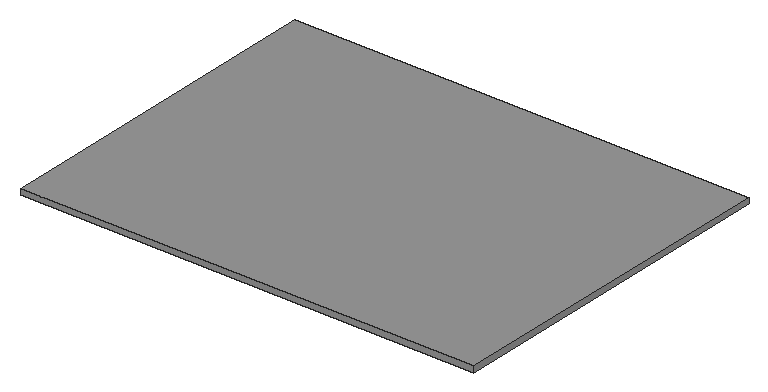
Revit family "ROTHOB_Rothoblaas_Membrane_TraspirEvo135", category Structural Connections, host Face, Revit 2020
Family settings
  Host = Face
  Material for Model Behavior = Other
  OmniClass Number = 23.13.25.25
  OmniClass Title = Air Barriers
  Enable cutting in views = Yes
  Cut with Voids When Loaded = No
  Shared = No
Parameters (values of type "TRASPIR EVO 135")
  WaterVapourTransmition_Sd = "0,1 m"  # constant formula
  WarrantyStartDate [instance] = ""
  WarrantyGuarantorParts = "n/a"  # constant formula
  WarrantyGuarantorLabor = "n/a"  # constant formula
  WarrantyDurationUnit = "n/a"  # constant formula
  WarrantyDurationParts = "n/a"  # constant formula
  WarrantyDurationLabor = "n/a"  # constant formula
  WarrantyDescription = "n/a"  # constant formula
  Version = "1"  # constant formula
  UniClass2015Version = "Products v1.33"  # constant formula
  UniClass2015Title = "Vapour-permeable sheets"  # constant formula
  UniClass2015Code = "Pr_25_57_10_94"  # constant formula
  UVStability = "1000h (8 months)"  # constant formula
  Tipo IFC predefinito = "USERDEFINED"  # constant formula
  SustainabilityPerformance = "n/a"  # constant formula
  Size = "n/a"  # constant formula
  Shape = "Bidimensional"  # constant formula
  Revision = "n/a"  # constant formula
  ReplacementCost = "n/a"  # constant formula
  ReactionFire = "E"  # constant formula
  ObjectMaterial = ROTHOB_Rothoblaas_Polypropylene
  NominalWidth = "n/a"  # constant formula
  NominalHeight = "n/a"  # constant formula
  MassUnitArea = "135 g/m2"  # constant formula
  Default Elevation = 1.2192 m
  ProductInformation = "https://www.rothoblaas.com/products/airtightness-and-waterproofing/membranes/traspir/traspir-evo-135"  # constant formula
  OmniClassVersion = "2012-05-16"  # constant formula
  OmniClassTitle = "Air Barriers"  # constant formula
  OmniClassCode = "23.13.25.25"  # constant formula
  NominalLength = "n/a"  # constant formula
  InstallationDate [instance] = ""
  Height_H [instance] = 0.061931 m
  Name = "Membrane"  # constant formula
  ModelReference = "n/a"  # constant formula
  ModelNumber = "n/a"  # constant formula
  ModelDisclaimer = "The latest version of the data sheets can be found on our website"  # constant formula
  Material = "Monolithic breathable film and PP non-woven"  # constant formula
  ManufacturerURL = "www.rothoblaas.com"  # constant formula
  ManufacturerName = "ROTHO BLAAS SRL"  # constant formula
  Manufacturer = "info@rothoblaas.com"  # constant formula
  IfcExportType = "USERDEFINED"  # constant formula
  IfcExportAs = "IfcBuildingElementProxyType"  # constant formula
  Length_L [instance] = 0.081802 m
  Grade = "n/a"  # constant formula
  Finish = "Non-woven PP fabric"  # constant formula
  Features = "Flexible sheets for waterproofing"  # constant formula
  ExpectedLife = "n/a"  # constant formula
  Esporta tipo in formato IFC con nome = "IfcBuildingElementProxyType"  # constant formula
  DurationUnit = "Years"  # constant formula
  Description = "Monolithic breathable membrane"  # constant formula
  Constituents = "n/a"  # constant formula
  Color = "Grey"  # constant formula
  CodePerformance = "CE - Construction products"  # constant formula
  Category = "Pr_25_57_10_94 - Vapour-permeable sheets"  # constant formula
  CETitle = "n/a"  # constant formula
  CECode = "EN 13859-1/2"  # constant formula
  BIMObjectName = "ROTHOB_Rothoblaas_Membrane_TraspirEvo135"  # constant formula
  Author = "Vitor Ferronato"  # constant formula
  AssetType = "n/a"  # constant formula
  AccessibilityPerformance = "n/a"  # constant formula
Reference planes (m)
  plane 1 "Centro (Fronte/Retro)": y = 0
  plane 2: z = 0
  plane 3 "Centro (Sinistra/Destra)": x = 0
  plane 4: y = 0.030966
  plane 5: y = -0.030966
  plane 6: x = -0.040901
  plane 7: x = 0.040901
Forms (m)
  Extrusion 1, solid, material "ROTHOB_Rothoblaas_Polypropylene" <- "ObjectMaterial"
    sketch origin (0, 0, 0) x (1, 0, 0) y (0, 1, 0)
      loop
        line (-0.040901, 0.030966) -> (-0.040901, -0.030966) -> (0.040901, -0.030966) -> (0.040901, 0.030966) -> (-0.040901, 0.030966)
    from 0 to 0.001
Dimensions and locks (m)
  equal spacing: host sketch curve, plane 3 "Centro (Sinistra/Destra)", host sketch curve
  host sketch curve to host sketch curve = 0.09 m
  equal spacing: host sketch curve, plane 1 "Centro (Fronte/Retro)", host sketch curve
  host sketch curve to host sketch curve = 0.07 m
  equal spacing: plane 6, plane 3 "Centro (Sinistra/Destra)", plane 7
  "Length_L": plane 6 to plane 7
  equal spacing: plane 4, plane 1 "Centro (Fronte/Retro)", plane 5
  "Height_H": plane 4 to plane 5
  aligned and locked: plane 2 to host face
  aligned and locked: level to host face
  aligned and locked: Extrusion 1 sketch curve to plane 4
  aligned and locked: Extrusion 1 sketch curve to plane 5
  aligned and locked: plane 6 to Extrusion 1 sketch curve
  aligned and locked: plane 7 to Extrusion 1 sketch curve
